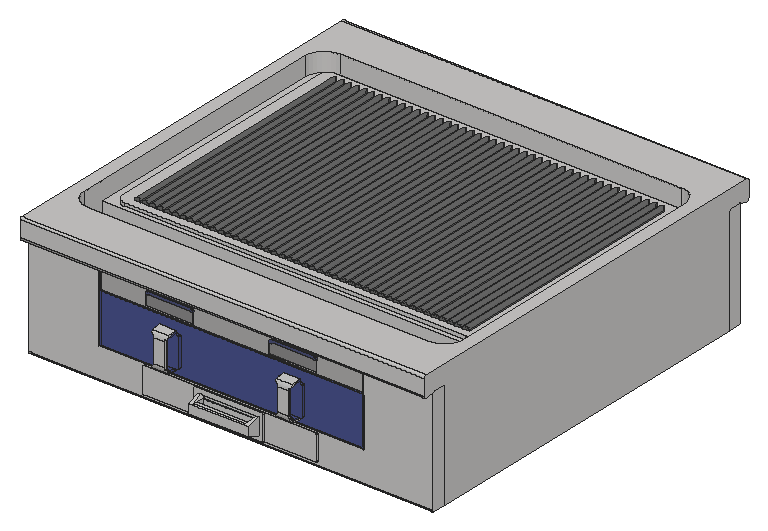
Revit family "QF_ELECTROLUXPROFESSIONAL_588066_MAHNAAHOAO", category Specialty Equipment, Revit 2018
Family settings
  Round Connector Dimension = Use Diameter
  Part Type = Normal
  Work Plane-Based = No
  Always vertical = Yes
  Cut with Voids When Loaded = No
  Shared = No
  Room Calculation Point = No
Parameters
  Weight in Pounds = 264.6  # constant formula
  Watts = 15300 VA  # 15300 W
  Volts = 400 V  # constant formula
  URL Cutsheet = ""
  Type Mark [instance] = ""
  Status [instance] = ""
  Specification by User [instance] = ""
  Specification by Manufacturer = ""
  Show Clearance [instance] = yes
  Serial Number = ""
  Seismic Rating = ""
  SMACNA No = ""
  Revision Code [instance] = ""
  Phase = 3  # constant formula
  Omniclass Number and Title = ""
  Number of Poles [instance] = 1
  NAFEM Spec ID Number = ""
  Model = "588066"
  Min Ckt Ampacity = 0 A
  Max Overcurrent Protection = 0 A
  Masterspec = ""
  Manufacturer = "ELECTROLUX"
  Item Number [instance] = ""
  Installed By [instance] = ""
  Identify Quantity as Lot [instance] = yes
  HP = "20.5 HP"
  Furnished By [instance] = ""
  Foodservice Equipment Identifier [instance] = yes
  FL Amps [instance] = if(Phase = 3, Watts / (Volts * 1.73), Watts / Volts)  # 22.1098 A
  Electrical Remarks = "400 V/3N ph/50/60 Hz"  # constant formula
  Electric Connection Type [instance] = ""
  Elec Conn RI Height [instance] = 0 mm
  Elec Conn Connection Height [instance] = 0 mm
  Direct Waste Size = 0"
  Description = "EL.FRYTOP,RIBBED PL,1-SIDE,800X800X250H"
  Cycle [instance] = if([60 Hertz Option], 60 Hz, 50 Hz)  # 60 Hz
  Conn Plug = ""
  Conn Conduit = yes
  CSI MasterFormat = ""
  CSI Master Format = ""
  Back Panel [instance] = yes
  Apparent Power [instance] = if(Phase = 3, Volts * FL Amps * 1.73, Volts * FL Amps)  # 15300 VA
  60 Hertz Option [instance] = not([50 Hertz Option])  # yes
  50 Hertz Option [instance] = no
Reference planes
  plane 1 "BACK": y = -100
  plane 2: z = 0
  plane 3 "LEFT": x = 0
  plane 4 "RIGHT": x = 800
  plane 5 "FRONT": y = -900
  plane 6 "TOP": z = 250
  plane 7: x = 400
  plane 8: y = -500
  plane 9: y = -1330
Forms (mm)
  Extrusion 1, solid, material "QF_Finishes_Stainless Steel"
    sketch origin (0, -487.128, 0) x (0, 1, 0) y (0, 0, 1)
      loop
        line (383.128, 250) -> (-408.872, 250)
        arc (-408.872, 250) -> (-411.7, 248.828) -> (-412.872, 246) r 4
        line (-412.872, 246) -> (-412.872, 214)
        arc (-412.872, 214) -> (-411.443, 210.936) -> (-408.177, 210.061) r 4
        line (-408.177, 210.061) -> (-391.509, 213) -> (-366.872, 213) -> (-366.872, 0) -> (341.128, 0) -> (341.128, 213) -> (365.765, 213) -> (382.433, 210.061)
        arc (382.433, 210.061) -> (385.699, 210.936) -> (387.128, 214) r 4
        line (387.128, 214) -> (387.128, 246)
        arc (387.128, 246) -> (385.956, 248.828) -> (383.128, 250) r 4
    from 0 to 800
  Extrusion 2, solid, material "QF_Finishes_Stainless Steel", visible <- "Back Panel"
    sketch origin (0, 0, 0) x (0, 1, 0) y (0, 0, 1)
      loop
        line (-146, 0) -> (-120, 0) -> (-120, 215)
        arc (-120, 215) -> (-120.586, 213.586) -> (-122, 213) r 2
        line (-122, 213) -> (-146, 213) -> (-146, 0)
    from 0 to 800
  Extrusion 3, void
    sketch origin (653.786, -55.952, 250) x (1, 0, 0) y (0, -1, 0)
      loop
        line (-590.636, 133.048) -> (83.064, 133.048)
        arc (83.064, 133.048) -> (110.04, 144.222) -> (121.214, 171.198) r 38.15
        line (121.214, 171.198) -> (121.214, 716.572)
        arc (121.214, 716.572) -> (109.944, 743.779) -> (82.737, 755.048) r 38.476
        line (82.737, 755.048) -> (-591.786, 755.048)
        arc (-591.786, 755.048) -> (-617.949, 744.211) -> (-628.786, 718.048) r 37
        line (-628.786, 718.048) -> (-628.786, 171.198)
        arc (-628.786, 171.198) -> (-617.613, 144.222) -> (-590.636, 133.048) r 38.15
    from 0 to 37
  Extrusion 4, void
    sketch origin (1307.573, -7.904, 213) x (0, 1, 0) y (1, 0, 0)
      loop
        line (-721.846, -532.573) -> (-764.62, -532.573)
        arc (-764.62, -532.573) -> (-791.827, -543.842) -> (-803.096, -571.049) r 38.476
        line (-803.096, -571.049) -> (-803.096, -1245.573)
        arc (-803.096, -1245.573) -> (-792.259, -1271.736) -> (-766.096, -1282.573) r 37
        line (-766.096, -1282.573) -> (-721.846, -1282.573) -> (-721.846, -532.573)
    from 0 to 25.6
  Extrusion 5, void
    sketch origin (1612.573, -7.904, 187.4) x (-1, 0, 0) y (0, 1, 0)
      loop
        circle (1212.573, -762.096) r 22.248
    from 0 to 92
  Extrusion 6, solid, material "QF_Finishes_Stainless Steel"
    sketch origin (0, -854, 0) x (1, 0, 0) y (0, -1, 0)
      loop
        circle (755, -169) r 6.35
    from 0 to 3.2
  Extrusion 7, solid, material "QF_Door-Drawer Clearances", visible <- "Show Clearance", detail levels coarse
    sketch origin (437.203, -881.593, 8.62) x (0, 0, 1) y (-1, 0, 0)
      loop
        line (1.973, -134.295) -> (49.317, -134.295)
        arc (49.317, -134.295) -> (50.776, -133.691) -> (51.38, -132.232) r 2.063
        line (51.38, -132.232) -> (51.38, 206.852)
        arc (51.38, 206.852) -> (50.88, 208.549) -> (49.541, 209.705) r 3.133
        line (49.541, 209.705) -> (3.067, 209.705)
        arc (3.067, 209.705) -> (0.898, 208.807) -> (0, 206.638) r 3.067
        line (0, 206.638) -> (0, -132.322)
        arc (0, -132.322) -> (0.578, -133.717) -> (1.973, -134.295) r 1.973
    from 0 to 448.407
Cuts and joins
  Extrusion 3, Extrusion 4, Extrusion 5 cuts Extrusion 1
Lines and regions (mm)
  symbolic lines
    curve 1: line (261.519, -902.326, 0) -> (261.519, -900, 0)
    curve 2: spline (267.188, -903.73, 0) -> (266.709, -903.657, 0) -> (266.231, -903.575, 0) -> (265.754, -903.486, 0) -> (265.278, -903.389, 0) -> (264.804, -903.283, 0) -> (264.33, -903.17, 0) -> (263.858, -903.049, 0) -> (263.387, -902.92, 0) -> (262.918, -902.783, 0) -> (262.45, -902.638, 0) -> (261.984, -902.486, 0) -> (261.519, -902.326, 0)
    curve 3: line (293.735, -902.326, 0) -> (293.735, -900, 0)
    curve 4: spline (293.735, -902.326, 0) -> (293.27, -902.486, 0) -> (292.804, -902.638, 0) -> (292.337, -902.783, 0) -> (291.867, -902.92, 0) -> (291.396, -903.049, 0) -> (290.924, -903.17, 0) -> (290.451, -903.283, 0) -> (289.976, -903.389, 0) -> (289.5, -903.486, 0) -> (289.023, -903.575, 0) -> (288.545, -903.657, 0) -> (288.066, -903.73, 0)
    curve 5: line (267.188, -903.73, 0) -> (288.066, -903.73, 0)
    curve 6: line (538.481, -902.326, 0) -> (538.481, -900, 0)
    curve 7: spline (532.812, -903.73, 0) -> (533.291, -903.657, 0) -> (533.769, -903.575, 0) -> (534.246, -903.486, 0) -> (534.722, -903.389, 0) -> (535.196, -903.283, 0) -> (535.67, -903.17, 0) -> (536.142, -903.049, 0) -> (536.613, -902.92, 0) -> (537.082, -902.783, 0) -> (537.55, -902.638, 0) -> (538.016, -902.486, 0) -> (538.481, -902.326, 0)
    curve 8: line (506.265, -902.326, 0) -> (506.265, -900, 0)
    curve 9: spline (506.265, -902.326, 0) -> (506.73, -902.486, 0) -> (507.196, -902.638, 0) -> (507.663, -902.783, 0) -> (508.133, -902.92, 0) -> (508.604, -903.049, 0) -> (509.076, -903.17, 0) -> (509.549, -903.283, 0) -> (510.024, -903.389, 0) -> (510.5, -903.486, 0) -> (510.977, -903.575, 0) -> (511.455, -903.657, 0) -> (511.934, -903.73, 0)
    curve 10: line (532.812, -903.73, 0) -> (511.934, -903.73, 0)
    curve 11: line (25, -774, 0) -> (25, -227.15, 0)
    curve 12: arc (25, -227.15, 0) -> (36.174, -200.174, 0) -> (63.15, -189, 0) r 38.15
    curve 13: line (63.15, -189, 0) -> (736.85, -189, 0)
    curve 14: arc (736.85, -189, 0) -> (763.826, -200.174, 0) -> (775, -227.15, 0) r 38.15
    curve 15: line (775, -227.15, 0) -> (775, -772.524, 0)
    curve 16: arc (775, -772.524, 0) -> (763.731, -799.731, 0) -> (736.524, -811, 0) r 38.476
    curve 17: line (736.524, -811, 0) -> (62, -811, 0)
    curve 18: arc (62, -811, 0) -> (35.837, -800.163, 0) -> (25, -774, 0) r 37
    curve 19: line (775, -729.75, 0) -> (25, -729.75, 0)
    curve 20: circle (400, -770, 0) r 22.248 normal (0, 0, -1)
    curve 21: line (0, -100, 0) -> (800, -100, 0)
    curve 22: line (0, -900, 0) -> (0, -100, 0)
    curve 23: line (800, -900, 0) -> (0, -900, 0)
    curve 24: line (800, -100, 0) -> (800, -900, 0)
    curve 25: line (347.608, -908.767, 0) -> (450.042, -908.767, 0)
    curve 26: line (450.042, -908.767, 0) -> (451.588, -900, 0)
    curve 27: line (347.608, -908.767, 0) -> (346.062, -900, 0)
  symbolic lines, style "QF_Door-Drawer Clearances"
    curve 28: line (227.498, -1330, 0) -> (227.498, -900, 0)
    curve 29: line (227.498, -1330, 0) -> (571.498, -1330, 0)
    curve 30: line (571.498, -1330, 0) -> (571.498, -900, 0)
Dimensions and locks
  plane 3 "LEFT" to plane 4 "RIGHT" = 800 mm
  plane 5 "FRONT" to plane 1 "BACK" = 800 mm
  equal spacing: plane 3 "LEFT", plane 7, plane 4 "RIGHT"
  equal spacing: plane 5 "FRONT", plane 8, plane 1 "BACK"
  plane 6 "TOP" to level = 250 mm  (x2)
  plane 1 "BACK" to plane 5 "FRONT" = 800 mm
  Extrusion 6 sketch curve to plane 1 "BACK" = 585 mm
  Extrusion 6 sketch curve to plane 4 "RIGHT" = 45 mm
  plane 5 "FRONT" to plane 9 = 430 mm
  aligned and locked: level to plane 2
  aligned and locked: Extrusion 7 to plane 9
  aligned and locked: cut or joined group of Extrusion 1, Extrusion 3, Extrusion 4, Extrusion 5 to plane 4 "RIGHT"
  aligned and locked: plane 7 to nested 1
  aligned and locked: Extrusion 2 to plane 4 "RIGHT"
  aligned and locked: plane 7 to nested 2
Automatic sketch dimensions
  Extrusion 2 sketch curve to Extrusion 2 sketch curve = 26 mm
  plane 1 "BACK" to Extrusion 2 sketch curve = 22 mm
  Extrusion 2 sketch curve to Extrusion 2 sketch curve = 2 mm
  level to Extrusion 2 sketch curve = 213 mm
  Extrusion 1 to Extrusion 3 sketch curve = 85 mm  (x2)
  Extrusion 1 to Extrusion 3 sketch curve = 122 mm
  Extrusion 1 to Extrusion 3 sketch curve = 25 mm
  Extrusion 3 sketch curve to Extrusion 3 sketch curve = 38.15 mm  (x2)
  Extrusion 1 to Extrusion 3 sketch curve = 123.476 mm
  Extrusion 3 sketch curve to Extrusion 3 sketch curve = 674.524 mm
  Extrusion 1 sketch curve to plane 5 "FRONT" = 0 mm
  Extrusion 1 sketch curve to plane 6 "TOP" = 0 mm
  Extrusion 1 sketch curve to level = 0 mm
  Extrusion 1 sketch curve to plane 1 "BACK" = 0 mm
  Extrusion 1 sketch curve to plane 6 "TOP" = 37 mm  (x2)
  Extrusion 1 sketch curve to plane 5 "FRONT" = 4 mm
  Extrusion 1 sketch curve to plane 5 "FRONT" = 21.363 mm
  Extrusion 1 sketch curve to plane 5 "FRONT" = 46 mm
  plane 1 "BACK" to Extrusion 1 sketch curve = 21.363 mm
  plane 1 "BACK" to Extrusion 1 sketch curve = 4 mm  (x2)
  Extrusion 1 sketch curve to Extrusion 1 sketch curve = 4 mm
  Extrusion 1 sketch curve to Extrusion 1 sketch curve = 0.695 mm
  Extrusion 1 sketch curve to Extrusion 1 sketch curve = 0 mm  (x4)
  plane 1 "BACK" to Extrusion 1 sketch curve = 4.695 mm
  Extrusion 1 sketch curve to Extrusion 1 sketch curve = 1 mm  (x2)
  plane 1 "BACK" to Extrusion 1 sketch curve = 46 mm
  Extrusion 4 sketch curve to Extrusion 3 = 81.25 mm
  Extrusion 3 to Extrusion 4 sketch curve = 0 mm  (x2)
  Extrusion 4 sketch curve to Extrusion 4 sketch curve = 37 mm
  Extrusion 4 sketch curve to Extrusion 4 sketch curve = 674.524 mm
  Extrusion 4 sketch curve to Extrusion 3 = 38.476 mm
  Extrusion 5 sketch curve to Extrusion 4 = 41 mm
  Extrusion 5 sketch curve to Extrusion 4 = 375 mm
  plane 1 "BACK" to curve 21 = 0 mm
  curve 21 to plane 4 "RIGHT" = 0 mm
  curve 28 to plane 9 = 0 mm
  curve 22 to plane 3 "LEFT" = 0 mm
  plane 5 "FRONT" to curve 30 = 0 mm
  plane 4 "RIGHT" to curve 15 = 25 mm
  curve 15 to curve 13 = 38.15 mm
  curve 16 to curve 17 = 38.476 mm
  plane 5 "FRONT" to curve 6 = 2.326 mm
  plane 7 to curve 6 = 138.481 mm
  plane 5 "FRONT" to curve 10 = 3.73 mm
  curve 7 to curve 10 = 5.669 mm
  plane 5 "FRONT" to curve 26 = 8.767 mm
  curve 7 to curve 26 = 82.77 mm
  curve 10 to curve 25 = 61.891 mm
  plane 5 "FRONT" to curve 8 = 2.326 mm
  curve 10 to curve 8 = 5.669 mm
  plane 5 "FRONT" to curve 3 = 2.326 mm
  curve 3 to plane 7 = 106.265 mm
  plane 5 "FRONT" to curve 5 = 3.73 mm
  curve 3 to curve 5 = 5.669 mm
  curve 27 to curve 5 = 59.542 mm
  curve 25 to curve 5 = 80.42 mm
  plane 5 "FRONT" to curve 1 = 2.326 mm
  curve 2 to curve 1 = 5.669 mm
  plane 3 "LEFT" to curve 13 = 63.15 mm
  plane 3 "LEFT" to curve 17 = 62 mm
  plane 3 "LEFT" to curve 28 = 227.498 mm
  plane 3 "LEFT" to curve 11 = 25 mm
  plane 4 "RIGHT" to curve 30 = 228.502 mm
  curve 6 to curve 7 = 9.839 mm
  curve 7 to curve 9 = 12.538 mm
  curve 9 to curve 26 = 64.516 mm
  plane 5 "FRONT" to curve 4 = 4.032 mm
  curve 5 to curve 4 = 4.17 mm
  curve 27 to curve 4 = 62.166 mm
  curve 4 to curve 2 = 12.538 mm
  curve 20 to curve 18 = 338 mm
  plane 1 "BACK" to curve 13 = 89 mm
  curve 15 to plane 5 "FRONT" = 127.476 mm
  curve 19 to curve 18 = 44.25 mm
  curve 20 to curve 18 = 4 mm
  curve 7 to plane 5 "FRONT" = 39.101 mm
  curve 9 to curve 7 = 0 mm
  curve 2 to curve 4 = 0 mm
  level to Extrusion 7 sketch curve = 8.62 mm
  level to Extrusion 7 sketch curve = 57.937 mm
  plane 7 to Extrusion 7 sketch curve = 171.498 mm
  Extrusion 7 sketch curve to Extrusion 7 sketch curve = 1.973 mm
  Extrusion 7 sketch curve to Extrusion 7 sketch curve = 3.067 mm
  Extrusion 7 sketch curve to Extrusion 7 sketch curve = 46.474 mm
  Extrusion 7 sketch curve to Extrusion 7 sketch curve = 2.063 mm
  Extrusion 7 sketch curve to Extrusion 7 sketch curve = 3.133 mm
  Extrusion 7 sketch curve to plane 7 = 169.435 mm
  Extrusion 2 sketch curve to level = 0 mm
  radius of Extrusion 5 sketch curve = 22.248 mm
  radius of Extrusion 6 sketch curve = 6.35 mm
  radius of curve 20 = 22.248 mm
Nested families
  nested 1: "EG_800_800 Front Panel with Center Grease Trap" at (402.376, -854, -650), type "EG_800_800 Front Panel with Center Grease Trap"
    with Width 800 mm
  nested 2: "EG_800_800 mm Full Grate" at (400, -509.375, -675), type "EG_800_800 mm Full Grate"
Connectors
  electrical at (755, -685, -3.2), driven by "Volts", driven by "Watts"
    settings: on Extrusion 6, index 1, voltage 400 V, apparent load 15300 VA, apparent load phase1 0 VA, apparent load phase2 0 VA, apparent load phase3 0 VA, power factor 1, load classification "Other", number of poles 1, system type 30, power factor state 1, is connector primary yes, connector utility no, sub classification motor no, connector description "ELECTRICAL CONNECTION"
Definition of nested family "EG_800_800 Front Panel with Center Grease Trap"
  Parameters
    Width [instance] = 800 mm
  Reference planes
    plane 1 "Center (Front/Back)": y = 0
    plane 2: z = 0
    plane 3 "Center (Left/Right)": x = -2.376
    plane 4: x = -402.376
    plane 5: x = 397.624
  Forms (mm)
    Extrusion 1, solid
      sketch origin (833.217, 829.203, -1.25) x (0, 1, 0) y (0, 0, 1)
        loop
          arc (-854.203, 654.25) -> (-853.324, 652.129) -> (-851.203, 651.25) r 3
          line (-851.203, 651.25) -> (-829.203, 651.25) -> (-829.203, 864.25) -> (-854.203, 864.25) -> (-854.203, 654.25)
      from -1235.593 to -435.593
    Extrusion 2, void
      sketch origin (33.217, 829.203, -1.25) x (1, 0, 0) y (0, 0, 1)
        loop
          line (-298.093, 855.116) -> (-298.093, 713.116) -> (226.907, 713.116) -> (226.907, 855.116) -> (-298.093, 855.116)
      from 848.59 to 854.203
  Cuts and joins
    Extrusion 2 cuts Extrusion 1
  Dimensions and locks
    equal spacing: plane 5, plane 3 "Center (Left/Right)", plane 4
    "Width": plane 5 to plane 4
    aligned and locked: cut or joined group of Extrusion 1, Extrusion 2 to plane 4
    aligned and locked: plane 5 to cut or joined group of Extrusion 1, Extrusion 2
    aligned and locked: plane 3 "Center (Left/Right)" to nested 2
    aligned and locked: cut or joined group of Extrusion 1, Extrusion 2 to nested 2
  Automatic sketch dimensions
    Extrusion 1 sketch curve to plane 1 "Center (Front/Back)" = 0 mm
    plane 1 "Center (Front/Back)" to Extrusion 1 sketch curve = 22 mm
    Extrusion 1 sketch curve to Extrusion 1 sketch curve = 3 mm
    level to Extrusion 1 sketch curve = 650 mm
    Extrusion 1 sketch curve to Extrusion 1 sketch curve = 210 mm
    plane 4 to Extrusion 2 sketch curve = 137.5 mm
    Extrusion 2 sketch curve to plane 5 = 137.5 mm
    level to Extrusion 2 sketch curve = 711.866 mm
    Extrusion 2 sketch curve to Extrusion 2 sketch curve = 142 mm
  Nested families
    nested 1: "Range Control Handle" at (-124.522, -28.137, -209.113) x (-1, 0, 0) z (0, 0, 1), type "Range Control Handle"
    nested 2: "800 Panel - Glass conrol panel" at (-30.376, 280.644, 2.752), type "800 Panel - Glass conrol panel"
      with Width 525 mm
    nested 3: "800 Panel - Grease trap door" at (65.223, -25, 0.608) x (-1, 0, 0) z (0, 0, 1), type "800 Panel - Grease trap door"
    nested 4: "Range Control Handle" at (119.771, -28.137, -209.113), type "Range Control Handle"
  Definition of nested family "Range Control Handle"
    Reference planes
      plane 1 "Center (Front/Back)": y = 0
      plane 2: z = 0
      plane 3 "Center (Left/Right)": x = 0
      plane 4: z = 971.092
    Forms (mm)
      Extrusion 1, solid
        sketch origin (-746.28, 380.497, 208.931) x (-1, 0, 0) y (0, 0, 1)
          loop
            line (-770.101, 786.798) -> (-770.101, 731.649)
            arc (-770.101, 731.649) -> (-769.759, 730.563) -> (-768.855, 729.87) r 1.893
            line (-768.855, 729.87) -> (-763.474, 727.911) -> (-729.81, 727.911) -> (-724.428, 729.87)
            arc (-724.428, 729.87) -> (-723.525, 730.563) -> (-723.183, 731.649) r 1.893
            line (-723.183, 731.649) -> (-723.183, 786.798)
            arc (-723.183, 786.798) -> (-723.529, 787.894) -> (-724.44, 788.593) r 1.91
            line (-724.44, 788.593) -> (-729.683, 790.819) -> (-763.601, 790.819) -> (-768.844, 788.593)
            arc (-768.844, 788.593) -> (-769.755, 787.894) -> (-770.101, 786.798) r 1.91
        from -382.35 to -378.852
      Sweep 2, solid
        path origin (-746.788, 380.496, 208.091) x (0, -1, 0) y (0, 0, 1)
          loop
            line (379.775, 793.281) -> (395.661, 791.048)
            arc (395.661, 791.048) -> (397.781, 787.377) -> (398.517, 783.202) r 12.207
            line (398.517, 783.202) -> (398.517, 737.368)
            arc (398.517, 737.368) -> (397.781, 733.193) -> (395.661, 729.522) r 12.207
            line (395.661, 729.522) -> (379.775, 727.289)
        profile origin (-746.788, -7.222, 1000.256) x (0, -0.139173, 0.990268) y (-1, 0, 0)
          loop
            line (0.782, -763.123) -> (0.782, -730.907) -> (-1.322, -730.907) -> (-1.322, -763.123) -> (0.782, -763.123)
      Sweep 3, solid
        path origin (-746.788, 380.715, 207.832) x (0, -1, 0) y (0, 0, 1)
          loop
            line (380.478, 795.442) -> (397.218, 793.09)
            arc (397.218, 793.09) -> (399.929, 788.473) -> (400.871, 783.202) r 15.207
            line (400.871, 783.202) -> (400.871, 737.584)
            arc (400.871, 737.584) -> (399.914, 732.274) -> (397.164, 727.633) r 15.207
            line (397.164, 727.633) -> (380.601, 725.305)
        profile origin (-746.788, -8.132, 1002.099) x (0, -0.139173, 0.990268) y (-1, 0, 0)
          loop
            line (0.782, -763.123) -> (0.782, -730.907) -> (-1.322, -730.907) -> (-1.322, -763.123) -> (0.782, -763.123)
      Extrusion 4, void
        sketch origin (889.253, 220.666, 207.993) x (1, 0, 0) y (0, 0, 1)
          loop
            line (-943.038, 816.854) -> (-943.038, 703.686) -> (-899.466, 734.196) -> (-899.466, 786.344) -> (-943.038, 816.854)
        from 230.636 to 242.25
      Extrusion 5, void
        sketch origin (-888.8, 220.666, 207.993) x (-1, 0, 0) y (0, 0, -1)
          loop
            line (-943.038, -816.854) -> (-899.466, -786.344) -> (-899.466, -734.196) -> (-943.038, -703.686) -> (-943.038, -816.854)
        from 230.636 to 242.25
      Extrusion 6, solid
        sketch origin (0, 0, 0) x (1, 0, 0) y (0, 0, 1)
          loop
            circle (0, 971.092) r 7.736
        from -3.137 to -1.645
    Cuts and joins
      Extrusion 4, Extrusion 5 cuts Sweep 3
      Extrusion 4, Extrusion 5 cuts Sweep 2
      joined: Extrusion 1, Extrusion 6
    Lines and regions (mm)
      symbolic lines
        curve 1: line (23.821, 1.645, 0) -> (-23.097, 1.645, 0)
        curve 2: line (16.334, -1.853, 0) -> (23.821, -1.853, 0)
        curve 3: line (-15.881, -19.189, 0) -> (-15.881, -1.853, 0)
        curve 4: line (-23.097, -1.853, 0) -> (-15.881, -1.853, 0)
        curve 5: line (16.334, -19.189, 0) -> (16.334, -1.853, 0)
        curve 6: spline (-15.881, -19.189, 0) -> (-15.417, -19.349, 0) -> (-14.951, -19.501, 0) -> (-14.483, -19.646, 0) -> (-14.014, -19.783, 0) -> (-13.543, -19.912, 0) -> (-13.071, -20.033, 0) -> (-12.597, -20.146, 0) -> (-12.122, -20.251, 0) -> (-11.646, -20.349, 0) -> (-11.169, -20.438, 0) -> (-10.691, -20.52, 0) -> (-10.213, -20.593, 0)
        curve 7: spline (10.666, -20.593, 0) -> (11.144, -20.52, 0) -> (11.622, -20.438, 0) -> (12.099, -20.349, 0) -> (12.575, -20.251, 0) -> (13.05, -20.146, 0) -> (13.524, -20.033, 0) -> (13.996, -19.912, 0) -> (14.467, -19.783, 0) -> (14.936, -19.646, 0) -> (15.404, -19.501, 0) -> (15.87, -19.349, 0) -> (16.334, -19.189, 0)
        curve 8: line (-10.213, -20.938, 0) -> (10.716, -20.938, 0)
        curve 9: line (-23.097, 1.645, 0) -> (-23.097, -1.853, 0)
        curve 10: line (23.821, 1.645, 0) -> (23.821, -1.853, 0)
  Definition of nested family "800 Panel - Glass conrol panel"
    Parameters
      Width [instance] = 525 mm
    Reference planes
      plane 1 "Center (Front/Back)": y = 0
      plane 2: z = 0
      plane 3 "Center (Left/Right)": x = 28
      plane 4: x = -234.5
      plane 5: x = 290.5
    Forms (mm)
      Extrusion 1, solid
        sketch origin (378.286, 0, 0.617) x (1, 0, 0) y (0, 0, 1)
          loop
            line (-612.786, 806.791) -> (-612.786, 708.497) -> (-87.786, 708.497) -> (-87.786, 806.791) -> (-612.786, 806.791)
        from 300.031 to 304.8
      Extrusion 2, solid
        sketch origin (378.286, 0, 0.617) x (1, 0, 0) y (0, 0, 1)
          loop
            line (-612.786, 850.497) -> (-612.786, 806.791) -> (-87.786, 806.791) -> (-87.786, 850.497) -> (-612.786, 850.497)
        from 300.031 to 304.8
      Extrusion 3, void
        sketch origin (378.286, 0, 0.617) x (1, 0, 0) y (0, 0, 1)
          loop
            line (-610.128, 847.565) -> (-610.128, 710.699) -> (-90.696, 710.699) -> (-90.696, 847.565) -> (-610.128, 847.565)
        from 303.697 to 304.8
      Extrusion 4, solid
        sketch origin (-430.455, 1.101, -0.633) x (-1, 0, 0) y (0, 0, -1)
          loop
            line (-289.431, -812.62) -> (-383.186, -812.62) -> (-383.186, -834.177) -> (-378.269, -834.177) -> (-376.469, -835.977) -> (-296.039, -835.977) -> (-294.24, -834.177) -> (-289.431, -834.177) -> (-289.431, -812.62)
        from 304.798 to 306.745
      Extrusion 5, solid
        sketch origin (-430.455, 1.101, -0.633) x (-1, 0, 0) y (0, 0, -1)
          loop
            line (-378.269, -834.177) -> (-383.078, -834.177)
            arc (-383.078, -834.177) -> (-381.942, -838.747) -> (-377.686, -840.763) r 5.5
            line (-377.686, -840.763) -> (-294.98, -840.763)
            arc (-294.98, -840.763) -> (-290.706, -838.752) -> (-289.529, -834.177) r 5.549
            line (-289.529, -834.177) -> (-294.24, -834.177) -> (-296.039, -835.977) -> (-376.469, -835.977) -> (-378.269, -834.177)
        from 304.798 to 306.745
      Extrusion 6, solid
        sketch origin (486.455, 1.101, -0.633) x (1, 0, 0) y (0, 0, 1)
          loop
            line (-289.431, 812.62) -> (-289.431, 834.177) -> (-294.24, 834.177) -> (-296.039, 835.977) -> (-376.469, 835.977) -> (-378.269, 834.177) -> (-383.186, 834.177) -> (-383.186, 812.62) -> (-289.431, 812.62)
        from 304.798 to 306.745
      Extrusion 7, solid
        sketch origin (486.455, 1.101, -0.633) x (1, 0, 0) y (0, 0, 1)
          loop
            line (-378.269, 834.177) -> (-376.469, 835.977) -> (-296.039, 835.977) -> (-294.24, 834.177) -> (-289.529, 834.177)
            arc (-289.529, 834.177) -> (-290.706, 838.752) -> (-294.98, 840.763) r 5.549
            line (-294.98, 840.763) -> (-377.686, 840.763)
            arc (-377.686, 840.763) -> (-381.942, 838.747) -> (-383.078, 834.177) r 5.5
            line (-383.078, 834.177) -> (-378.269, 834.177)
        from 304.798 to 306.745
    Cuts and joins
      Extrusion 3 cuts Extrusion 1
      Extrusion 3 cuts Extrusion 2
    Dimensions and locks
      "Width": plane 5 to plane 4
      equal spacing: plane 5, plane 3 "Center (Left/Right)", plane 4
      aligned and locked: Extrusion 1 to Extrusion 2
      aligned and locked: Extrusion 5 to Extrusion 4
      aligned and locked: plane 5 to cut or joined group of Extrusion 1, Extrusion 3
      aligned and locked: plane 5 to cut or joined group of Extrusion 2, Extrusion 3
      aligned and locked: cut or joined group of Extrusion 1, Extrusion 3 to plane 4
      aligned and locked: cut or joined group of Extrusion 2, Extrusion 3 to plane 4
      aligned and locked: Extrusion 7 to Extrusion 6
    Automatic sketch dimensions
      Extrusion 1 sketch curve to plane 4 = 0 mm
      Extrusion 1 sketch curve to plane 5 = 0 mm
      level to Extrusion 1 sketch curve = 709.114 mm
      Extrusion 1 sketch curve to Extrusion 1 sketch curve = 98.294 mm
      Extrusion 2 sketch curve to plane 4 = 0 mm
      Extrusion 2 sketch curve to plane 5 = 0 mm
      level to Extrusion 2 sketch curve = 807.408 mm
      Extrusion 2 sketch curve to Extrusion 2 sketch curve = 43.706 mm
      plane 4 to Extrusion 3 sketch curve = 2.658 mm
      level to Extrusion 3 sketch curve = 711.316 mm
      Extrusion 3 sketch curve to plane 5 = 2.909 mm
      Extrusion 3 sketch curve to Extrusion 3 sketch curve = 136.866 mm
      Extrusion 4 sketch curve to plane 3 "Center (Left/Right)" = 75.269 mm
      plane 4 to Extrusion 4 sketch curve = 100.084 mm
      level to Extrusion 4 sketch curve = 835.343 mm
      Extrusion 4 sketch curve to Extrusion 4 sketch curve = 4.917 mm
      Extrusion 4 sketch curve to Extrusion 4 sketch curve = 1.8 mm  (x4)
      Extrusion 4 sketch curve to Extrusion 4 sketch curve = 4.809 mm
      Extrusion 4 sketch curve to Extrusion 4 sketch curve = 21.557 mm
      Extrusion 5 sketch curve to plane 3 "Center (Left/Right)" = 75.377 mm
      Extrusion 5 sketch curve to plane 3 "Center (Left/Right)" = 80.769 mm
      level to Extrusion 5 sketch curve = 840.129 mm
      Extrusion 5 sketch curve to Extrusion 5 sketch curve = 0.583 mm
      Extrusion 5 sketch curve to Extrusion 5 sketch curve = 1.217 mm
      Extrusion 5 sketch curve to Extrusion 5 sketch curve = 80.43 mm
      Extrusion 5 sketch curve to Extrusion 5 sketch curve = 1.059 mm
      Extrusion 5 sketch curve to Extrusion 5 sketch curve = 0.741 mm
      Extrusion 5 sketch curve to Extrusion 5 sketch curve = 4.711 mm
      Extrusion 5 sketch curve to Extrusion 5 sketch curve = 4.786 mm
      Extrusion 5 sketch curve to Extrusion 5 sketch curve = 1.8 mm  (x2)
      plane 3 "Center (Left/Right)" to Extrusion 6 sketch curve = 75.269 mm
      level to Extrusion 6 sketch curve = 811.987 mm
      Extrusion 6 sketch curve to Extrusion 6 sketch curve = 4.917 mm
      Extrusion 6 sketch curve to Extrusion 6 sketch curve = 1.8 mm  (x3)
      Extrusion 6 sketch curve to Extrusion 6 sketch curve = 80.43 mm
      Extrusion 6 sketch curve to Extrusion 6 sketch curve = 4.809 mm
      Extrusion 6 sketch curve to Extrusion 6 sketch curve = 21.557 mm  (x2)
      plane 3 "Center (Left/Right)" to Extrusion 7 sketch curve = 75.377 mm
      plane 3 "Center (Left/Right)" to Extrusion 7 sketch curve = 80.186 mm
      level to Extrusion 7 sketch curve = 833.543 mm
      Extrusion 7 sketch curve to Extrusion 7 sketch curve = 0.583 mm
      Extrusion 7 sketch curve to Extrusion 7 sketch curve = 1.217 mm
      Extrusion 7 sketch curve to Extrusion 7 sketch curve = 80.43 mm
      Extrusion 7 sketch curve to Extrusion 7 sketch curve = 1.059 mm
      Extrusion 7 sketch curve to Extrusion 7 sketch curve = 0.741 mm
      Extrusion 7 sketch curve to Extrusion 7 sketch curve = 4.711 mm
      Extrusion 7 sketch curve to Extrusion 7 sketch curve = 0 mm
      Extrusion 7 sketch curve to Extrusion 7 sketch curve = 1.8 mm
      Extrusion 7 sketch curve to Extrusion 7 sketch curve = 4.786 mm
  Definition of nested family "800 Panel - Grease trap door"
    Reference planes
      plane 1 "Center (Front/Back)": y = 0
      plane 2: z = 0
      plane 3 "Center (Left/Right)": x = 0
    Forms (mm)
      Extrusion 1, solid
        sketch origin (1627.55, 854.203, -1.25) x (1, 0, 0) y (0, 0, 1)
          loop
            arc (-1627.55, 661.235) -> (-1626.972, 659.84) -> (-1625.577, 659.262) r 1.973
            line (-1625.577, 659.262) -> (-1494.325, 659.262)
            arc (-1494.325, 659.262) -> (-1492.156, 660.16) -> (-1491.258, 662.329) r 3.067
            line (-1491.258, 662.329) -> (-1491.258, 708.803)
            arc (-1491.258, 708.803) -> (-1492.414, 710.143) -> (-1494.111, 710.642) r 3.133
            line (-1494.111, 710.642) -> (-1625.486, 710.642)
            arc (-1625.486, 710.642) -> (-1626.945, 710.038) -> (-1627.55, 708.579) r 2.063
            line (-1627.55, 708.579) -> (-1627.55, 661.235)
        from 856.795 to 859.203
      Extrusion 2, solid
        sketch origin (445.874, 2476.61, 0) x (0, 1, 0) y (0, 0, 1)
          loop
            line (-2506.377, 675.273) -> (-2481.61, 667.505) -> (-2481.61, 700.995) -> (-2506.377, 693.227) -> (-2506.377, 675.273)
        from -437.68 to -317.68
      Extrusion 3, void
        sketch origin (1627.55, 854.203, -1.25) x (1, 0, 0) y (0, 0, 1)
          loop
            line (-1614.883, 703) -> (-1610.542, 695.433) -> (-1508.17, 695.433) -> (-1503.828, 703) -> (-1614.883, 703)
          loop
            line (-1614.883, 668) -> (-1502.669, 668) -> (-1507.01, 675.567) -> (-1610.542, 675.567) -> (-1614.883, 668)
        from 832.916 to 883.97
      Extrusion 4, void
        sketch origin (447.55, 854.203, -1.25) x (1, 0, 0) y (0, 0, 1)
          loop
            line (-430.542, 695.433) -> (-430.542, 675.567) -> (-328.17, 675.567) -> (-328.17, 695.433) -> (-430.542, 695.433)
        from 859.203 to 874.202
      Extrusion 5, solid
        sketch origin (1627.55, 854.203, -1.25) x (1, 0, 0) y (0, 0, 1)
          loop
            line (-1390.516, 710.642) -> (-1729.386, 710.642)
            arc (-1729.386, 710.642) -> (-1730.845, 710.038) -> (-1731.449, 708.579) r 2.063
            line (-1731.449, 708.579) -> (-1731.449, 661.235)
            arc (-1731.449, 661.235) -> (-1730.871, 659.84) -> (-1729.476, 659.262) r 1.973
            line (-1729.476, 659.262) -> (-1390.516, 659.262)
            arc (-1390.516, 659.262) -> (-1388.347, 660.16) -> (-1387.449, 662.329) r 3.067
            line (-1387.449, 662.329) -> (-1387.449, 707.485)
            arc (-1387.449, 707.485) -> (-1388.347, 709.653) -> (-1390.516, 710.552) r 3.067
        from 854.203 to 856.795
    Cuts and joins
      Extrusion 3 cuts Extrusion 1
      Extrusion 3, Extrusion 4 cuts Extrusion 2
      joined: Extrusion 1, Extrusion 2
    Lines and regions (mm)
      symbolic lines
        curve 1: line (0, -2.593, 0) -> (136.292, -2.593, 0)
        curve 2: line (17.557, -29.767, 0) -> (12.667, -2.593, 0)
        curve 3: line (17.557, -29.767, 0) -> (119.991, -29.767, 0)
        curve 4: line (119.991, -29.767, 0) -> (124.881, -2.593, 0)
        curve 5: line (68.146, -2.593, 0) -> (68.146, -29.767, 0)
      model lines
        curve 6: line (67.599, 0, 658.012) -> (67.599, 0, 709.392)
    Dimensions and locks
      aligned and locked: Extrusion 2 to Extrusion 1
      aligned and locked: Extrusion 3 to Extrusion 2
      aligned and locked: Extrusion 4 to Extrusion 1
Definition of nested family "EG_800_800 mm Full Grate"
  Parameters
    Length = 662 mm
    Array = Length / 15 mm  # 44
  Reference planes
    plane 1 "Center (Front/Back)": y = 0
    plane 2: z = 0
    plane 3 "Center (Left/Right)": x = 0
    plane 4: x = -355
    plane 5: x = 355
    plane 6: z = 900
    plane 7: z = 888
    plane 8: x = -331
    plane 9: x = 331
  Forms (mm)
    Extrusion 1, solid
      sketch origin (453.786, 467.26, 0) x (1, 0, 0) y (0, 1, 0)
        loop
          line (-808.786, -175.198) -> (-808.786, -660.472)
          arc (-808.786, -660.472) -> (-803.807, -672.493) -> (-791.786, -677.472) r 17
          line (-791.786, -677.472) -> (-116.936, -677.472)
          arc (-116.936, -677.472) -> (-104.102, -672.156) -> (-98.786, -659.322) r 18.15
          line (-98.786, -659.322) -> (-98.786, -175.198)
          arc (-98.786, -175.198) -> (-104.102, -162.364) -> (-116.936, -157.048) r 18.15
          line (-116.936, -157.048) -> (-790.636, -157.048)
          arc (-790.636, -157.048) -> (-803.47, -162.364) -> (-808.786, -175.198) r 18.15
      from 888 to 894.474
  Lines and regions (mm)
    symbolic lines
      curve 1: line (-331, 286.484, 0) -> (-324.5, 295.767, 0)
      curve 2: line (-324.5, 295.767, 0) -> (-318, 286.484, 0)
      curve 3: line (-318, -186.484, 0) -> (-318, 286.484, 0)
      curve 4: line (-331, 286.484, 0) -> (-331, -186.484, 0)
      curve 5: line (-324.5, -195.767, 0) -> (-331, -186.484, 0)
      curve 6: line (-318, -186.484, 0) -> (-324.5, -195.767, 0)
      curve 7: line (318, 286.484, 0) -> (324.5, 295.767, 0)
      curve 8: line (324.5, 295.767, 0) -> (331, 286.484, 0)
      curve 9: line (331, -186.484, 0) -> (331, 286.484, 0)
      curve 10: line (318, 286.484, 0) -> (318, -186.484, 0)
      curve 11: line (324.5, -195.767, 0) -> (318, -186.484, 0)
      curve 12: line (331, -186.484, 0) -> (324.5, -195.767, 0)
      curve 13: line (-315.907, 286.484, 0) -> (-309.407, 295.767, 0)
      curve 14: line (-309.407, 295.767, 0) -> (-302.907, 286.484, 0)
      curve 15: line (-302.907, -186.484, 0) -> (-302.907, 286.484, 0)
      curve 16: line (-315.907, 286.484, 0) -> (-315.907, -186.484, 0)
      curve 17: line (-309.407, -195.767, 0) -> (-315.907, -186.484, 0)
      curve 18: line (-302.907, -186.484, 0) -> (-309.407, -195.767, 0)
      curve 19: line (-300.814, 286.484, 0) -> (-294.314, 295.767, 0)
      curve 20: line (-294.314, 295.767, 0) -> (-287.814, 286.484, 0)
      curve 21: line (-287.814, -186.484, 0) -> (-287.814, 286.484, 0)
      curve 22: line (-300.814, 286.484, 0) -> (-300.814, -186.484, 0)
      curve 23: line (-294.314, -195.767, 0) -> (-300.814, -186.484, 0)
      curve 24: line (-287.814, -186.484, 0) -> (-294.314, -195.767, 0)
      curve 25: line (-285.721, 286.484, 0) -> (-279.221, 295.767, 0)
      curve 26: line (-279.221, 295.767, 0) -> (-272.721, 286.484, 0)
      curve 27: line (-272.721, -186.484, 0) -> (-272.721, 286.484, 0)
      curve 28: line (-285.721, 286.484, 0) -> (-285.721, -186.484, 0)
      curve 29: line (-279.221, -195.767, 0) -> (-285.721, -186.484, 0)
      curve 30: line (-272.721, -186.484, 0) -> (-279.221, -195.767, 0)
      curve 31: line (-270.628, 286.484, 0) -> (-264.128, 295.767, 0)
      curve 32: line (-264.128, 295.767, 0) -> (-257.628, 286.484, 0)
      curve 33: line (-257.628, -186.484, 0) -> (-257.628, 286.484, 0)
      curve 34: line (-270.628, 286.484, 0) -> (-270.628, -186.484, 0)
      curve 35: line (-264.128, -195.767, 0) -> (-270.628, -186.484, 0)
      curve 36: line (-257.628, -186.484, 0) -> (-264.128, -195.767, 0)
      curve 37: line (-255.535, 286.484, 0) -> (-249.035, 295.767, 0)
      curve 38: line (-249.035, 295.767, 0) -> (-242.535, 286.484, 0)
      curve 39: line (-242.535, -186.484, 0) -> (-242.535, 286.484, 0)
      curve 40: line (-255.535, 286.484, 0) -> (-255.535, -186.484, 0)
      curve 41: line (-249.035, -195.767, 0) -> (-255.535, -186.484, 0)
      curve 42: line (-242.535, -186.484, 0) -> (-249.035, -195.767, 0)
      curve 43: line (-240.442, 286.484, 0) -> (-233.942, 295.767, 0)
      curve 44: line (-233.942, 295.767, 0) -> (-227.442, 286.484, 0)
      curve 45: line (-227.442, -186.484, 0) -> (-227.442, 286.484, 0)
      curve 46: line (-240.442, 286.484, 0) -> (-240.442, -186.484, 0)
      curve 47: line (-233.942, -195.767, 0) -> (-240.442, -186.484, 0)
      curve 48: line (-227.442, -186.484, 0) -> (-233.942, -195.767, 0)
      curve 49: line (-225.349, 286.484, 0) -> (-218.849, 295.767, 0)
      curve 50: line (-218.849, 295.767, 0) -> (-212.349, 286.484, 0)
      curve 51: line (-212.349, -186.484, 0) -> (-212.349, 286.484, 0)
      curve 52: line (-225.349, 286.484, 0) -> (-225.349, -186.484, 0)
      curve 53: line (-218.849, -195.767, 0) -> (-225.349, -186.484, 0)
      curve 54: line (-212.349, -186.484, 0) -> (-218.849, -195.767, 0)
      curve 55: line (-210.256, 286.484, 0) -> (-203.756, 295.767, 0)
      curve 56: line (-203.756, 295.767, 0) -> (-197.256, 286.484, 0)
      curve 57: line (-197.256, -186.484, 0) -> (-197.256, 286.484, 0)
      curve 58: line (-210.256, 286.484, 0) -> (-210.256, -186.484, 0)
      curve 59: line (-203.756, -195.767, 0) -> (-210.256, -186.484, 0)
      curve 60: line (-197.256, -186.484, 0) -> (-203.756, -195.767, 0)
      curve 61: line (-195.163, 286.484, 0) -> (-188.663, 295.767, 0)
      curve 62: line (-188.663, 295.767, 0) -> (-182.163, 286.484, 0)
      curve 63: line (-182.163, -186.484, 0) -> (-182.163, 286.484, 0)
      curve 64: line (-195.163, 286.484, 0) -> (-195.163, -186.484, 0)
      curve 65: line (-188.663, -195.767, 0) -> (-195.163, -186.484, 0)
      curve 66: line (-182.163, -186.484, 0) -> (-188.663, -195.767, 0)
      curve 67: line (-180.07, 286.484, 0) -> (-173.57, 295.767, 0)
      curve 68: line (-173.57, 295.767, 0) -> (-167.07, 286.484, 0)
      curve 69: line (-167.07, -186.484, 0) -> (-167.07, 286.484, 0)
      curve 70: line (-180.07, 286.484, 0) -> (-180.07, -186.484, 0)
      curve 71: line (-173.57, -195.767, 0) -> (-180.07, -186.484, 0)
      curve 72: line (-167.07, -186.484, 0) -> (-173.57, -195.767, 0)
      curve 73: line (-164.977, 286.484, 0) -> (-158.477, 295.767, 0)
      curve 74: line (-158.477, 295.767, 0) -> (-151.977, 286.484, 0)
      curve 75: line (-151.977, -186.484, 0) -> (-151.977, 286.484, 0)
      curve 76: line (-164.977, 286.484, 0) -> (-164.977, -186.484, 0)
      curve 77: line (-158.477, -195.767, 0) -> (-164.977, -186.484, 0)
      curve 78: line (-151.977, -186.484, 0) -> (-158.477, -195.767, 0)
      curve 79: line (-149.884, 286.484, 0) -> (-143.384, 295.767, 0)
      curve 80: line (-143.384, 295.767, 0) -> (-136.884, 286.484, 0)
      curve 81: line (-136.884, -186.484, 0) -> (-136.884, 286.484, 0)
      curve 82: line (-149.884, 286.484, 0) -> (-149.884, -186.484, 0)
      curve 83: line (-143.384, -195.767, 0) -> (-149.884, -186.484, 0)
      curve 84: line (-136.884, -186.484, 0) -> (-143.384, -195.767, 0)
      curve 85: line (-134.791, 286.484, 0) -> (-128.291, 295.767, 0)
      curve 86: line (-128.291, 295.767, 0) -> (-121.791, 286.484, 0)
      curve 87: line (-121.791, -186.484, 0) -> (-121.791, 286.484, 0)
      curve 88: line (-134.791, 286.484, 0) -> (-134.791, -186.484, 0)
      curve 89: line (-128.291, -195.767, 0) -> (-134.791, -186.484, 0)
      curve 90: line (-121.791, -186.484, 0) -> (-128.291, -195.767, 0)
      curve 91: line (-119.698, 286.484, 0) -> (-113.198, 295.767, 0)
      curve 92: line (-113.198, 295.767, 0) -> (-106.698, 286.484, 0)
      curve 93: line (-106.698, -186.484, 0) -> (-106.698, 286.484, 0)
      curve 94: line (-119.698, 286.484, 0) -> (-119.698, -186.484, 0)
      curve 95: line (-113.198, -195.767, 0) -> (-119.698, -186.484, 0)
      curve 96: line (-106.698, -186.484, 0) -> (-113.198, -195.767, 0)
      curve 97: line (-104.605, 286.484, 0) -> (-98.105, 295.767, 0)
      curve 98: line (-98.105, 295.767, 0) -> (-91.605, 286.484, 0)
      curve 99: line (-91.605, -186.484, 0) -> (-91.605, 286.484, 0)
      curve 100: line (-104.605, 286.484, 0) -> (-104.605, -186.484, 0)
      curve 101: line (-98.105, -195.767, 0) -> (-104.605, -186.484, 0)
      curve 102: line (-91.605, -186.484, 0) -> (-98.105, -195.767, 0)
      curve 103: line (-89.512, 286.484, 0) -> (-83.012, 295.767, 0)
      curve 104: line (-83.012, 295.767, 0) -> (-76.512, 286.484, 0)
      curve 105: line (-76.512, -186.484, 0) -> (-76.512, 286.484, 0)
      curve 106: line (-89.512, 286.484, 0) -> (-89.512, -186.484, 0)
      curve 107: line (-83.012, -195.767, 0) -> (-89.512, -186.484, 0)
      curve 108: line (-76.512, -186.484, 0) -> (-83.012, -195.767, 0)
      curve 109: line (-74.419, 286.484, 0) -> (-67.919, 295.767, 0)
      curve 110: line (-67.919, 295.767, 0) -> (-61.419, 286.484, 0)
      curve 111: line (-61.419, -186.484, 0) -> (-61.419, 286.484, 0)
      curve 112: line (-74.419, 286.484, 0) -> (-74.419, -186.484, 0)
      curve 113: line (-67.919, -195.767, 0) -> (-74.419, -186.484, 0)
      curve 114: line (-61.419, -186.484, 0) -> (-67.919, -195.767, 0)
      curve 115: line (-59.326, 286.484, 0) -> (-52.826, 295.767, 0)
      curve 116: line (-52.826, 295.767, 0) -> (-46.326, 286.484, 0)
      curve 117: line (-46.326, -186.484, 0) -> (-46.326, 286.484, 0)
      curve 118: line (-59.326, 286.484, 0) -> (-59.326, -186.484, 0)
      curve 119: line (-52.826, -195.767, 0) -> (-59.326, -186.484, 0)
      curve 120: line (-46.326, -186.484, 0) -> (-52.826, -195.767, 0)
      curve 121: line (-44.233, 286.484, 0) -> (-37.733, 295.767, 0)
      curve 122: line (-37.733, 295.767, 0) -> (-31.233, 286.484, 0)
      curve 123: line (-31.233, -186.484, 0) -> (-31.233, 286.484, 0)
      curve 124: line (-44.233, 286.484, 0) -> (-44.233, -186.484, 0)
      curve 125: line (-37.733, -195.767, 0) -> (-44.233, -186.484, 0)
      curve 126: line (-31.233, -186.484, 0) -> (-37.733, -195.767, 0)
      curve 127: line (-29.14, 286.484, 0) -> (-22.64, 295.767, 0)
      curve 128: line (-22.64, 295.767, 0) -> (-16.14, 286.484, 0)
      curve 129: line (-16.14, -186.484, 0) -> (-16.14, 286.484, 0)
      curve 130: line (-29.14, 286.484, 0) -> (-29.14, -186.484, 0)
      curve 131: line (-22.64, -195.767, 0) -> (-29.14, -186.484, 0)
      curve 132: line (-16.14, -186.484, 0) -> (-22.64, -195.767, 0)
      curve 133: line (-14.047, 286.484, 0) -> (-7.547, 295.767, 0)
      curve 134: line (-7.547, 295.767, 0) -> (-1.047, 286.484, 0)
      curve 135: line (-1.047, -186.484, 0) -> (-1.047, 286.484, 0)
      curve 136: line (-14.047, 286.484, 0) -> (-14.047, -186.484, 0)
      curve 137: line (-7.547, -195.767, 0) -> (-14.047, -186.484, 0)
      curve 138: line (-1.047, -186.484, 0) -> (-7.547, -195.767, 0)
      curve 139: line (1.047, 286.484, 0) -> (7.547, 295.767, 0)
      curve 140: line (7.547, 295.767, 0) -> (14.047, 286.484, 0)
      curve 141: line (14.047, -186.484, 0) -> (14.047, 286.484, 0)
      curve 142: line (1.047, 286.484, 0) -> (1.047, -186.484, 0)
      curve 143: line (7.547, -195.767, 0) -> (1.047, -186.484, 0)
      curve 144: line (14.047, -186.484, 0) -> (7.547, -195.767, 0)
      curve 145: line (16.14, 286.484, 0) -> (22.64, 295.767, 0)
      curve 146: line (22.64, 295.767, 0) -> (29.14, 286.484, 0)
      curve 147: line (29.14, -186.484, 0) -> (29.14, 286.484, 0)
      curve 148: line (16.14, 286.484, 0) -> (16.14, -186.484, 0)
      curve 149: line (22.64, -195.767, 0) -> (16.14, -186.484, 0)
      curve 150: line (29.14, -186.484, 0) -> (22.64, -195.767, 0)
      curve 151: line (31.233, 286.484, 0) -> (37.733, 295.767, 0)
      curve 152: line (37.733, 295.767, 0) -> (44.233, 286.484, 0)
      curve 153: line (44.233, -186.484, 0) -> (44.233, 286.484, 0)
      curve 154: line (31.233, 286.484, 0) -> (31.233, -186.484, 0)
      curve 155: line (37.733, -195.767, 0) -> (31.233, -186.484, 0)
      curve 156: line (44.233, -186.484, 0) -> (37.733, -195.767, 0)
      curve 157: line (46.326, 286.484, 0) -> (52.826, 295.767, 0)
      curve 158: line (52.826, 295.767, 0) -> (59.326, 286.484, 0)
      curve 159: line (59.326, -186.484, 0) -> (59.326, 286.484, 0)
      curve 160: line (46.326, 286.484, 0) -> (46.326, -186.484, 0)
      curve 161: line (52.826, -195.767, 0) -> (46.326, -186.484, 0)
      curve 162: line (59.326, -186.484, 0) -> (52.826, -195.767, 0)
      curve 163: line (61.419, 286.484, 0) -> (67.919, 295.767, 0)
      curve 164: line (67.919, 295.767, 0) -> (74.419, 286.484, 0)
      curve 165: line (74.419, -186.484, 0) -> (74.419, 286.484, 0)
      curve 166: line (61.419, 286.484, 0) -> (61.419, -186.484, 0)
      curve 167: line (67.919, -195.767, 0) -> (61.419, -186.484, 0)
      curve 168: line (74.419, -186.484, 0) -> (67.919, -195.767, 0)
      curve 169: line (76.512, 286.484, 0) -> (83.012, 295.767, 0)
      curve 170: line (83.012, 295.767, 0) -> (89.512, 286.484, 0)
      curve 171: line (89.512, -186.484, 0) -> (89.512, 286.484, 0)
      curve 172: line (76.512, 286.484, 0) -> (76.512, -186.484, 0)
      curve 173: line (83.012, -195.767, 0) -> (76.512, -186.484, 0)
      curve 174: line (89.512, -186.484, 0) -> (83.012, -195.767, 0)
      curve 175: line (91.605, 286.484, 0) -> (98.105, 295.767, 0)
      curve 176: line (98.105, 295.767, 0) -> (104.605, 286.484, 0)
      curve 177: line (104.605, -186.484, 0) -> (104.605, 286.484, 0)
      curve 178: line (91.605, 286.484, 0) -> (91.605, -186.484, 0)
      curve 179: line (98.105, -195.767, 0) -> (91.605, -186.484, 0)
      curve 180: line (104.605, -186.484, 0) -> (98.105, -195.767, 0)
      curve 181: line (106.698, 286.484, 0) -> (113.198, 295.767, 0)
      curve 182: line (113.198, 295.767, 0) -> (119.698, 286.484, 0)
      curve 183: line (119.698, -186.484, 0) -> (119.698, 286.484, 0)
      curve 184: line (106.698, 286.484, 0) -> (106.698, -186.484, 0)
      curve 185: line (113.198, -195.767, 0) -> (106.698, -186.484, 0)
      curve 186: line (119.698, -186.484, 0) -> (113.198, -195.767, 0)
      curve 187: line (121.791, 286.484, 0) -> (128.291, 295.767, 0)
      curve 188: line (128.291, 295.767, 0) -> (134.791, 286.484, 0)
      curve 189: line (134.791, -186.484, 0) -> (134.791, 286.484, 0)
      curve 190: line (121.791, 286.484, 0) -> (121.791, -186.484, 0)
      curve 191: line (128.291, -195.767, 0) -> (121.791, -186.484, 0)
      curve 192: line (134.791, -186.484, 0) -> (128.291, -195.767, 0)
      curve 193: line (136.884, 286.484, 0) -> (143.384, 295.767, 0)
      curve 194: line (143.384, 295.767, 0) -> (149.884, 286.484, 0)
      curve 195: line (149.884, -186.484, 0) -> (149.884, 286.484, 0)
      curve 196: line (136.884, 286.484, 0) -> (136.884, -186.484, 0)
      curve 197: line (143.384, -195.767, 0) -> (136.884, -186.484, 0)
      curve 198: line (149.884, -186.484, 0) -> (143.384, -195.767, 0)
      curve 199: line (151.977, 286.484, 0) -> (158.477, 295.767, 0)
      curve 200: line (158.477, 295.767, 0) -> (164.977, 286.484, 0)
      curve 201: line (164.977, -186.484, 0) -> (164.977, 286.484, 0)
      curve 202: line (151.977, 286.484, 0) -> (151.977, -186.484, 0)
      curve 203: line (158.477, -195.767, 0) -> (151.977, -186.484, 0)
      curve 204: line (164.977, -186.484, 0) -> (158.477, -195.767, 0)
      curve 205: line (167.07, 286.484, 0) -> (173.57, 295.767, 0)
      curve 206: line (173.57, 295.767, 0) -> (180.07, 286.484, 0)
      curve 207: line (180.07, -186.484, 0) -> (180.07, 286.484, 0)
      curve 208: line (167.07, 286.484, 0) -> (167.07, -186.484, 0)
      curve 209: line (173.57, -195.767, 0) -> (167.07, -186.484, 0)
      curve 210: line (180.07, -186.484, 0) -> (173.57, -195.767, 0)
      curve 211: line (182.163, 286.484, 0) -> (188.663, 295.767, 0)
      curve 212: line (188.663, 295.767, 0) -> (195.163, 286.484, 0)
      curve 213: line (195.163, -186.484, 0) -> (195.163, 286.484, 0)
      curve 214: line (182.163, 286.484, 0) -> (182.163, -186.484, 0)
      curve 215: line (188.663, -195.767, 0) -> (182.163, -186.484, 0)
      curve 216: line (195.163, -186.484, 0) -> (188.663, -195.767, 0)
      curve 217: line (197.256, 286.484, 0) -> (203.756, 295.767, 0)
      curve 218: line (203.756, 295.767, 0) -> (210.256, 286.484, 0)
      curve 219: line (210.256, -186.484, 0) -> (210.256, 286.484, 0)
      curve 220: line (197.256, 286.484, 0) -> (197.256, -186.484, 0)
      curve 221: line (203.756, -195.767, 0) -> (197.256, -186.484, 0)
      curve 222: line (210.256, -186.484, 0) -> (203.756, -195.767, 0)
      curve 223: line (212.349, 286.484, 0) -> (218.849, 295.767, 0)
      curve 224: line (218.849, 295.767, 0) -> (225.349, 286.484, 0)
      curve 225: line (225.349, -186.484, 0) -> (225.349, 286.484, 0)
      curve 226: line (212.349, 286.484, 0) -> (212.349, -186.484, 0)
      curve 227: line (218.849, -195.767, 0) -> (212.349, -186.484, 0)
      curve 228: line (225.349, -186.484, 0) -> (218.849, -195.767, 0)
      curve 229: line (227.442, 286.484, 0) -> (233.942, 295.767, 0)
      curve 230: line (233.942, 295.767, 0) -> (240.442, 286.484, 0)
      curve 231: line (240.442, -186.484, 0) -> (240.442, 286.484, 0)
      curve 232: line (227.442, 286.484, 0) -> (227.442, -186.484, 0)
      curve 233: line (233.942, -195.767, 0) -> (227.442, -186.484, 0)
      curve 234: line (240.442, -186.484, 0) -> (233.942, -195.767, 0)
      curve 235: line (242.535, 286.484, 0) -> (249.035, 295.767, 0)
      curve 236: line (249.035, 295.767, 0) -> (255.535, 286.484, 0)
      curve 237: line (255.535, -186.484, 0) -> (255.535, 286.484, 0)
      curve 238: line (242.535, 286.484, 0) -> (242.535, -186.484, 0)
      curve 239: line (249.035, -195.767, 0) -> (242.535, -186.484, 0)
      curve 240: line (255.535, -186.484, 0) -> (249.035, -195.767, 0)
      curve 241: line (257.628, 286.484, 0) -> (264.128, 295.767, 0)
      curve 242: line (264.128, 295.767, 0) -> (270.628, 286.484, 0)
      curve 243: line (270.628, -186.484, 0) -> (270.628, 286.484, 0)
      curve 244: line (257.628, 286.484, 0) -> (257.628, -186.484, 0)
      curve 245: line (264.128, -195.767, 0) -> (257.628, -186.484, 0)
      curve 246: line (270.628, -186.484, 0) -> (264.128, -195.767, 0)
      curve 247: line (272.721, 286.484, 0) -> (279.221, 295.767, 0)
      curve 248: line (279.221, 295.767, 0) -> (285.721, 286.484, 0)
      curve 249: line (285.721, -186.484, 0) -> (285.721, 286.484, 0)
      curve 250: line (272.721, 286.484, 0) -> (272.721, -186.484, 0)
      curve 251: line (279.221, -195.767, 0) -> (272.721, -186.484, 0)
      curve 252: line (285.721, -186.484, 0) -> (279.221, -195.767, 0)
      curve 253: line (287.814, 286.484, 0) -> (294.314, 295.767, 0)
      curve 254: line (294.314, 295.767, 0) -> (300.814, 286.484, 0)
      curve 255: line (300.814, -186.484, 0) -> (300.814, 286.484, 0)
      curve 256: line (287.814, 286.484, 0) -> (287.814, -186.484, 0)
      curve 257: line (294.314, -195.767, 0) -> (287.814, -186.484, 0)
      curve 258: line (300.814, -186.484, 0) -> (294.314, -195.767, 0)
      curve 259: line (302.907, 286.484, 0) -> (309.407, 295.767, 0)
      curve 260: line (309.407, 295.767, 0) -> (315.907, 286.484, 0)
      curve 261: line (315.907, -186.484, 0) -> (315.907, 286.484, 0)
      curve 262: line (302.907, 286.484, 0) -> (302.907, -186.484, 0)
      curve 263: line (309.407, -195.767, 0) -> (302.907, -186.484, 0)
      curve 264: line (315.907, -186.484, 0) -> (309.407, -195.767, 0)
      curve 265: line (336.85, 310.212, 0) -> (-336.85, 310.212, 0)
      curve 266: arc (-336.85, 310.212, 0) -> (-349.684, 304.896, 0) -> (-355, 292.062, 0) r 18.15
      curve 267: line (-355, 292.062, 0) -> (-355, -193.212, 0)
      curve 268: arc (-355, -193.212, 0) -> (-350.021, -205.233, 0) -> (-338, -210.212, 0) r 17
      curve 269: line (-338, -210.212, 0) -> (336.85, -210.212, 0)
      curve 270: arc (336.85, -210.212, 0) -> (349.684, -204.896, 0) -> (355, -192.062, 0) r 18.15
      curve 271: line (355, -192.062, 0) -> (355, 292.062, 0)
      curve 272: arc (355, 292.062, 0) -> (349.684, 304.896, 0) -> (336.85, 310.212, 0) r 18.15
  Dimensions and locks
    plane 6 to level = 900 mm
    plane 6 to plane 7 = 12 mm
    locked: plane 9 to plane 5 at 24
    "Length": plane 8 to plane 9
    equal spacing: group 1, group 3, group 4, group 5, group 6, group 7, group 8, group 9, group 10, group 11, group 12, group 13, group 14, group 15, group 16, group 17, group 18, group 19, group 20, group 21, group 22, group 23, group 24, group 25, group 26, group 27, group 28, group 29, group 30, group 31, group 32, group 33, group 34, group 35, group 36, group 37, group 38, group 39, group 40, group 41, group 42, group 43, group 44, group 2  (x3)
    plane 4 to plane 5 = 710 mm
    plane 4 to plane 8 = 24 mm
    aligned and locked: Extrusion 1 to nested 1
    aligned and locked: Extrusion 1 to plane 7
    aligned and locked: plane 8 to nested 1
    aligned and locked: plane 9 to nested 2
    aligned and locked: curve 266 to Extrusion 1
    aligned and locked: curve 272 to Extrusion 1
  Automatic sketch dimensions
    Extrusion 1 sketch curve to plane 4 = 0 mm
    Extrusion 1 sketch curve to plane 5 = 0 mm
    Extrusion 1 sketch curve to plane 8 = 7 mm
    Extrusion 1 sketch curve to plane 8 = 5.85 mm
    plane 9 to Extrusion 1 sketch curve = 5.85 mm  (x2)
    plane 1 "Center (Front/Back)" to Extrusion 1 sketch curve = 210.212 mm
    Extrusion 1 sketch curve to plane 1 "Center (Front/Back)" = 292.062 mm
    curve 1 to curve 1 = 6.5 mm
    curve 4 to curve 5 = 6.5 mm
    curve 2 to curve 2 = 6.5 mm
    curve 6 to curve 3 = 9.283 mm
    curve 5 to curve 4 = 9.283 mm
    curve 4 to curve 4 = 472.969 mm
    curve 1 to curve 3 = 0 mm
    curve 1 to curve 1 = 9.283 mm
    curve 7 to curve 7 = 6.5 mm
    curve 10 to curve 11 = 6.5 mm
    curve 8 to curve 8 = 6.5 mm
    curve 12 to curve 9 = 9.283 mm
    curve 11 to curve 10 = 9.283 mm
    curve 10 to curve 10 = 472.969 mm
    curve 7 to curve 9 = 0 mm
    curve 7 to curve 7 = 9.283 mm
    curve 13 to curve 13 = 6.5 mm
    curve 16 to curve 17 = 6.5 mm
    curve 14 to curve 14 = 6.5 mm
    curve 18 to curve 15 = 9.283 mm
    curve 17 to curve 16 = 9.283 mm
    curve 16 to curve 16 = 472.969 mm
    curve 13 to curve 15 = 0 mm
    curve 13 to curve 13 = 9.283 mm
    curve 19 to curve 19 = 6.5 mm
    curve 22 to curve 23 = 6.5 mm
    curve 20 to curve 20 = 6.5 mm
    curve 24 to curve 21 = 9.283 mm
    curve 23 to curve 22 = 9.283 mm
    curve 22 to curve 22 = 472.969 mm
    curve 19 to curve 21 = 0 mm
    curve 19 to curve 19 = 9.283 mm
    curve 25 to curve 25 = 6.5 mm
    curve 28 to curve 29 = 6.5 mm
    curve 26 to curve 26 = 6.5 mm
    curve 30 to curve 27 = 9.283 mm
    curve 29 to curve 28 = 9.283 mm
    curve 28 to curve 28 = 472.969 mm
    curve 25 to curve 27 = 0 mm
    curve 25 to curve 25 = 9.283 mm
    curve 31 to curve 31 = 6.5 mm
    curve 34 to curve 35 = 6.5 mm
    curve 32 to curve 32 = 6.5 mm
    curve 36 to curve 33 = 9.283 mm
    curve 35 to curve 34 = 9.283 mm
    curve 34 to curve 34 = 472.969 mm
    curve 31 to curve 33 = 0 mm
    curve 31 to curve 31 = 9.283 mm
    curve 37 to curve 37 = 6.5 mm
    curve 40 to curve 41 = 6.5 mm
    curve 38 to curve 38 = 6.5 mm
    curve 42 to curve 39 = 9.283 mm
    curve 41 to curve 40 = 9.283 mm
    curve 40 to curve 40 = 472.969 mm
    curve 37 to curve 39 = 0 mm
    curve 37 to curve 37 = 9.283 mm
    curve 43 to curve 43 = 6.5 mm
    curve 46 to curve 47 = 6.5 mm
    curve 44 to curve 44 = 6.5 mm
    curve 48 to curve 45 = 9.283 mm
    curve 47 to curve 46 = 9.283 mm
    curve 46 to curve 46 = 472.969 mm
    curve 43 to curve 45 = 0 mm
    curve 43 to curve 43 = 9.283 mm
    curve 49 to curve 49 = 6.5 mm
    curve 52 to curve 53 = 6.5 mm
    curve 50 to curve 50 = 6.5 mm
    curve 54 to curve 51 = 9.283 mm
    curve 53 to curve 52 = 9.283 mm
    curve 52 to curve 52 = 472.969 mm
    curve 49 to curve 51 = 0 mm
    curve 49 to curve 49 = 9.283 mm
    curve 55 to curve 55 = 6.5 mm
    curve 58 to curve 59 = 6.5 mm
    curve 56 to curve 56 = 6.5 mm
    curve 60 to curve 57 = 9.283 mm
    curve 59 to curve 58 = 9.283 mm
    curve 58 to curve 58 = 472.969 mm
    curve 55 to curve 57 = 0 mm
    curve 55 to curve 55 = 9.283 mm
    curve 61 to curve 61 = 6.5 mm
    curve 64 to curve 65 = 6.5 mm
    curve 62 to curve 62 = 6.5 mm
    curve 66 to curve 63 = 9.283 mm
    curve 65 to curve 64 = 9.283 mm
    curve 64 to curve 64 = 472.969 mm
    curve 61 to curve 63 = 0 mm
    curve 61 to curve 61 = 9.283 mm
    curve 67 to curve 67 = 6.5 mm
    curve 70 to curve 71 = 6.5 mm
    curve 68 to curve 68 = 6.5 mm
    curve 72 to curve 69 = 9.283 mm
    curve 71 to curve 70 = 9.283 mm
    curve 70 to curve 70 = 472.969 mm
    curve 67 to curve 69 = 0 mm
    curve 67 to curve 67 = 9.283 mm
    curve 73 to curve 73 = 6.5 mm
    curve 76 to curve 77 = 6.5 mm
    curve 74 to curve 74 = 6.5 mm
    curve 78 to curve 75 = 9.283 mm
    curve 77 to curve 76 = 9.283 mm
    curve 76 to curve 76 = 472.969 mm
    curve 73 to curve 75 = 0 mm
    curve 73 to curve 73 = 9.283 mm
    curve 79 to curve 79 = 6.5 mm
    curve 82 to curve 83 = 6.5 mm
    curve 80 to curve 80 = 6.5 mm
